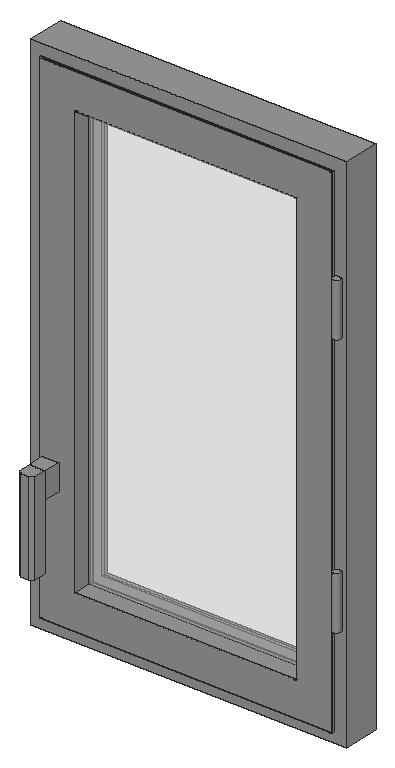
Revit family "2019_ES_Ventana_Qsystems_Q77+_1-Hoja", category Windows, host Wall, Revit 2019
Family settings
  Host = Wall
  OmniClass Number = 23.30.20.00
  OmniClass Title = Windows
  Always vertical = Yes
  Cut with Voids When Loaded = No
  Shared = No
  Room Calculation Point = No
Parameters (values of type "600x1000 mm Oscilobatiente")
  𝑙𝑔 = 2512
  𝑈𝑤 = ((𝐴𝑔 * 𝑈𝑔) + (𝐴𝑓 * 𝑈𝑓) + ((𝑙𝑔 * Y𝑔) * 1000)) / (𝐴𝑔 + 𝐴𝑓)  # 3.0683
  𝑈𝑔 = 1.9  # constant formula
  𝑈𝑓 = 3.629  # constant formula
  𝐴𝑔 = 354384
  𝐴𝑓 = 245616
  Y𝑔 = 0.11  # constant formula
  VidaUtilEsperada = ""
  Version Estandar GDO-BIM = "GDO-BIM V02"  # constant formula
  Version = "RVT2019"  # constant formula
  UnidadMedicion = ""
  UnidadMantenimiento = ""
  Unidad = ""
  Uniclass2.0Titulo = "Door and window systems"  # constant formula
  Uniclass2.0Codigo = "25-30"  # constant formula
  URLProducto = "https://qsystemsaluminio.com/q77-plus/"
  URL de Declaracion de Prestaciones = ""
  URL Poliamida - Catálogo = "http://www.technoform.com/fileadmin/Technoform_Bautec/standardprofiles.html"
  URL Poliamida = "http://www.technoform.es/"
  URL Perfil BIM = "https://bimetica.com/es/objeto-bim-ventana-q-systems-q77+-1-hoja-2663.html"
  URL = "http://www.alueuropa.com/"
  UNSPSCTitulo = "Windows"  # constant formula
  UNSPSCCodigo = "30171600"  # constant formula
  TransmitanciaTermica = 0.0000 W/(m²·K)
  Transmitancia termica = 0.0000 W/(m²·K)
  TrabajoMantenimiento = ""
  Titular = "Alueuropa S.A."  # constant formula
  TipoEmbalajeProteccion = ""
  TiempoMedioEntreFallos = ""
  TelefonoContacto = "+34 91 895 58 00"  # constant formula
  Serie = "Q77+"  # constant formula
  SalidaEmergencia = no
  Responsable Compra = ""
  ResistenciaFuego = ""
  ResistenciaAlViento = "Clase C5"  # constant formula
  ResiduosPeligrososPorUnidad = 0
  ResiduosPeligrosos = 0
  ResiduosNoPeligrososPorUnidad = 0
  ResiduosNoPeligrosos = 0
  ResiduoRadioactivoPorUnidad = 0
  ResiduoRadioactivo = 0
  ResiduoInertePorUnidad = 0
  ResiduoInerte = 0
  RepisaInterior = yes
  RepisaExterior = yes
  ReferenciaUnidadFuncional = ""
  ReferenciaLote = ""
  ReferenciaContacto = "QSystems"
  Referencia Contacto Comercial Venta = "QSystems"
  Referencia = "Q77+"  # constant formula
  PuntoDeContacto = "QSystems"
  Proyección Apertura = yes
  Profundidad = 0.00 mm
  Practicable = yes
  Poliamida = Technoform polyamide
  Plataforma descaga contenido BIM = "www.bimetica.com"
  Peso = 0.00 kg
  PermeabilidadAlAire = "Clase 4"  # constant formula
  PeriodoGarantia = ""
  Perimetro = (Width / 1.00 mm * 2) + (Height / 1.00 mm * 2)  # 3200
  Partida URL = ""
  Pais de Venta = ""
  Oscilobatiente = yes
  Operation = "Oscilobatiente"
  OmniclassTitulo = "Casment Window"  # constant formula
  OmniclassCodigo = "23.30.20.17.21.21"  # constant formula
  NumeroSerie = ""
  NumeroArticuloGlobalComercial = ""
  NumeroArticulo = ""
  Numero de Licencia = "XXX-XXXX9536"  # constant formula
  Numero de Declaracion de Prestaciones = ""
  NormativaMantenimiento = ""
  NivelSeguridad = ""
  Motorizada = no
  Model = "Q77 Oscilobatiente"
  MaterialEnvase = ""
  MaterialContenedor = ""
  MasterformatTitulo = "Aluminium Windows"  # constant formula
  MasterformatCodigo = "08 51 13"  # constant formula
  Marco = Aluminio Anodizado, lacado
  Marcado CE = no
  Manija = yes
  LugarEnsamblaje = ""
  Intercalario = ""
  InstruccionesEspeciales = ""
  InformacionTecnica = "http://www.alueuropa.com/products/"
  Infiltracion = 0
  IfcExportType = "Ventana Oscilobatiente"
  IfcExportAs = "IfcWindow"  # constant formula
  IdentificadorGarantia = ""
  Historial = "(RVT2019) Actualziación a estándar GDO-BIM y datos.(RVT2015) Creación del Elemento. "  # constant formula
  Gubimclass Titulo = "Ventanas de fachadas"  # constant formula
  Gubimclass Codigo = "30.10.20.10"  # constant formula
  GrosorMinimoAcristalamiento = 0.00 mm
  GrosorMaximoAcristalamiento = 0.00 mm
  GrosorMarco = 77.00 mm  # constant formula
  GarantiaExtendida = ""
  Fuente Datos LCA = ""
  FrecuenciaMantenimiento = ""
  FraccionAreaAcristalamiento = ((Altura Real / 1.00 mm) - (GrosorMarco / 1.00 mm * 2)) * ((Anchura Real / 1.00 mm) - ((GrosorMarco / 1.00 mm) * 2)) / ((Altura Real / 1.00 mm) * (Anchura Real / 1.00 mm))  # 62.886%
  Fraccion de area de acristalamiento = 0
  FormacionFotoquimicaOzonoPorUnidad = 0
  FormacionFotoquimicaOzono = 0
  FechaVencimientoElementoBIM = "03/12/2022"  # constant formula
  FechaInstalacion = ""
  FechaInicioGarantia = ""
  FechaFinGarantia = ""
  FechaEvaluacion = ""
  FechaEmisionElementoBIM = "03/12/2021"  # constant formula
  FechaCompra = ""
  Fecha Suministro = ""
  Fecha Colocacion = ""
  FaseCicloVida = ""
  FaltaDeRecursosPorUnidad = 0
  FaltaDeRecursos = 0
  FactorSombra = 0
  FactorSolarModificado = 0
  Manufacturer = "QSystems"  # constant formula
  Exclusiones = ""
  EutrofizacionPorUnidad = 0
  Eutrofizacion = 0
  EtiquetaModelo = ""
  EstanqueidadAgua = "E1650"  # constant formula
  Estado = ""
  Espuma = ""
  EnergiaRenovableConsumidaPorUnidad = 0
  EnergiaRenovableConsumida = 0
  EnergiaPrimariaTotalConsumidaPorUnidad = 0
  EnergiaPrimariaTotalConsumida = 0
  EnergiaNoRenovableConsumidaPorUnidad = 0
  EnergiaNoRenovableConsumida = 0
  Energia consumida = 0
  EmisionCO2 = 0
  EmailContacto = "info@qsystemsaluminio.com"  # constant formula
  DuracionVidaUtil = ""
  Detalle Perfileria = yes
  DestruccionCapaOzonoEstratosfericaPorUnidad = 0
  DestruccionCapaOzonoEstratosferica = 0
  DesfaseInterior [instance] = 0.00 mm
  DesfaseExterior [instance] = 0.00 mm
  Desfase Acristalamiento = 13.00 mm  # constant formula
  Description = "Ventana 1 Hoja Oscilobatiente"
  DescripcionEvaluacion = ""
  Declaracion Ambiental de Producto URL = ""
  Creditos LEED = ""
  Creditos BREEAM = ""
  CosteMantenimiento = 0
  CosteEnergeticoMj = 0 J
  CosteEnergeticoKwh = 0
  ControlHumos = no
  ContenidoGarantia = ""
  Contacto = "QSystems"
  ConfiguracionPoliamidas = "273800 - 493700 - 493800 "  # constant formula
  CondicionesMantenimiento = ""
  CondicionesGeneralesDeContratacion = ""
  CondicionesEvaluacion = ""
  Type Comments = "Sistema de Ventana con Rotura de Puente Térmico Q77 Oscilobatiente."
  Condiciones de Venta = ""
  CodigoBarras = ""
  Codigo = ""
  Clasificacion de carga mecanica = ""
  Clasificacion acustica = "45 (-2,-6) dB"  # constant formula
  CertificadoMantenimiento = ""
  CerramientoExterior = yes
  Catálogo (URL) = "https://qsystemsaluminio.com//wp-content/uploads/2021/05/Q77.pdf"
  CambioClimaticoPorUnidad = 0
  CambioClimatico = 0
  COBieCategoria = "IfcWindow"
  Rough Width = Altura Real + 5.00 mm  # 1005.00 mm
  Base Precio Producto 03 = ""
  Base Precio Producto 02 = ""
  Base Precio Producto 01 = ""
  BIMsupport = "https://bimsupport.info/es/fabricantes/alueuropa-q-systems-bim/"
  Aperturas Oscilobatiente [instance] = if(and(Aperturas, Oscilobatiente), 1 = 1, 1 = 0)  # yes
  Aperturas [instance] = yes
  Anchura Real = if(Width > Anchura Maxima, Anchura Maxima, Width)  # 600.00 mm
  Rough Height = Anchura Real + 5.00 mm  # 605.00 mm
  Anchura Minima = 100.00 mm  # constant formula
  Anchura Maxima = 1700.00 mm  # constant formula
  AnchoPoliamidaMarco = 30.00 mm  # constant formula
  AnchoPoliamidaHoja = 30.00 mm  # constant formula
  Analytic Construction = "<None>"
  Altura minima = 600.00 mm  # constant formula
  Altura maxima = 2500.00 mm  # constant formula
  Altura Real = if(Height > Altura maxima, Altura maxima, Height)  # 1000.00 mm
  GrosorAcristalamiento = 30.00 mm  # constant formula
  Height = 1000.00 mm
  Bimetica = "http://www.bimetica.com"
  AñoProduccion = ""
  Autor = "Bimetica Parametric Design Services, S.L."  # constant formula
  Area = (Width * Height)  # 600000.00 mm²
  Altura de antepecho por defecto = 800.00 mm
  Wall Closure = By host
  Width = 600.00 mm
  AguaConsumidaPorUnidad = 0
  AguaConsumida = 0
  Acristalamiento = Cristal - Vidrio claro templado
  AcidificacionAtmosfericaPorUnidad = 0
  AcidificacionAtmosferica = 0
  Acabado = "Anodizado, lacado y acabados"  # constant formula
Types (2, lengths in mm): name | Oscilobatiente | Operation | Model | IfcExportType | Description | Type Comments | Aperturas Oscilobatiente
  600x1000 mm Practicable | no | "Practicable" | "Q77 Practicable" | "Ventana Practicable" | "Ventana 1 Hoja Practicable" | "Sistema de Ventana con Rotura de Puente Térmico Q77 Practicable." | no
  600x1000 mm Oscilobatiente | yes | "Oscilobatiente" | "Q77 Oscilobatiente" | "Ventana Oscilobatiente" | "Ventana 1 Hoja Oscilobatiente" | "Sistema de Ventana con Rotura de Puente Térmico Q77 Oscilobatiente." | yes
Reference planes
  plane 1 "Centro (Frontal/Posterior)": y = 444.549
  plane 2 "Centro (Izquierda/Derecha)": x = 0
  plane 3 "Izquierda": x = -300
  plane 4 "Derecha": x = 300
  plane 5 "Antepecho": z = 800
  plane 6 "Extremo inicial": z = 1800
  plane 7 "Exterior": y = 521.549
  plane 8 "Interior": y = 521.549
  plane 9 "Media Altura": z = 1300
Forms (mm)
  Sweep 1, solid, material "Aluminio Anodizado, lacado" <- "Marco"
    path origin (0, 521.549, 0) x (1, 0, 0) y (0, 0, 1)
      loop
        line (300, 800) -> (300, 1800) -> (-300, 1800) -> (-300, 800) -> (300, 800)
    profile origin (300, 521.549, 1300) x (-1, 0, 0) y (0, -1, 0)
      loop
        line (0, 0) -> (49.297, 0) -> (49.297, 3.5) -> (27.4, 3.5) -> (27.4, 70) -> (0, 70) -> (0, 0)
  Extrusion 2, solid, material "Cristal - Vidrio claro templado" <- "Acristalamiento"
    sketch origin (0, 521.549, 0) x (1, 0, 0) y (0, 0, 1)
      loop
        line (228.01, 1727.9) -> (-228.01, 1727.9) -> (-228.01, 871.99) -> (228.01, 871.99) -> (228.01, 1727.9)
    from 43 to 13
  Sweep 3, solid, material "Aluminio Anodizado, lacado" <- "Marco"
    path origin (0, 521.549, 0) x (1, 0, 0) y (0, 0, 1)
      loop
        line (-300, 800) -> (300, 800) -> (300, 1800) -> (-300, 1800) -> (-300, 800)
    profile origin (-300, 521.549, 1300) x (-1, 0, 0) y (0, -1, 0)
      loop
        line (-54.3, 0) -> (-54.3, 5.8) -> (-50.582, 5.8) -> (-49.472, 4.8) -> (-45.478, 4.8) -> (-45.478, 6.346) -> (-47.2, 6.346) -> (-47.2, 48.1) -> (-38.9, 48.1) -> (-38.9, 73.5) -> (-21.4, 73.5) -> (-21.4, 76)
        arc (-21.4, 76) -> (-21.692, 76.706) -> (-22.398, 77) r 1
        line (-22.398, 77) -> (-88.599, 77)
        arc (-88.599, 77) -> (-88.953, 76.853) -> (-89.1, 76.5) r 0.5
        line (-89.1, 76.5) -> (-89.1, 43.5)
        arc (-89.1, 43.5) -> (-88.953, 43.147) -> (-88.637, 43) r 0.5
        line (-88.637, 43) -> (-86.603, 43) -> (-86.603, 60.6) -> (-67.178, 60.6) -> (-67.178, 55.89) -> (-62.1, 55.89) -> (-62.1, 8.218) -> (-73.921, 8.218) -> (-73.921, 13) -> (-89.1, 13) -> (-89.1, 6) -> (-88.785, 0) -> (-54.3, 0)
  Extrusion 4, solid, material "Aluminio Anodizado, lacado" <- "Marco", visible <- "Manija", detail levels fine
    sketch origin (0, 0, 800) x (0, -1, 0) y (1, 0, 0)
      loop
        line (-444.549, -241.1) -> (-444.549, -273.1) -> (-412.449, -271.35) -> (-412.449, -270.032) -> (-411.446, -270.032) -> (-411.446, -244.1) -> (-412.449, -244.1) -> (-412.449, -242.782) -> (-444.549, -241.1)
    from 250 to 300
  Extrusion 5, solid, material "Aluminio Anodizado, lacado" <- "Marco", visible <- "Manija", detail levels fine
    sketch origin (0, 0, 800) x (0, -1, 0) y (1, 0, 0)
      loop
        line (-411.446, -271.295) -> (-388.796, -271.295) -> (-382.327, -264.827) -> (-382.327, -249.303) -> (-388.796, -242.835) -> (-411.446, -242.835) -> (-411.446, -271.295)
    from 125 to 300
  Extrusion 6, solid, material "Aluminio Anodizado, lacado" <- "Marco", detail levels medium+fine
    sketch origin (0, 0, 800) x (0, -1, 0) y (1, 0, 0)
      loop
        line (-449.674, 291.378) -> (-451.549, 287.989) -> (-451.549, 280.989) -> (-443.549, 280.989)
        arc (-443.549, 280.989) -> (-437.519, 291.544) -> (-449.674, 291.378) r 7
    from 200 to 300
  Extrusion 7, solid, material "Aluminio Anodizado, lacado" <- "Marco", visible <- "Manija", detail levels medium+fine
    sketch origin (0, 0, 800) x (0, -1, 0) y (1, 0, 0)
      loop
        line (-449.674, 291.378) -> (-451.549, 287.989) -> (-451.549, 280.989) -> (-443.549, 280.989)
        arc (-443.549, 280.989) -> (-437.519, 291.544) -> (-449.674, 291.378) r 7
    from 200 to 300
  Extrusion 8, solid, material "Aluminio Anodizado, lacado" <- "Marco", visible <- "Manija", detail levels medium+fine
    sketch origin (0, 0, 1800) x (0, 1, 0) y (1, 0, 0)
      loop
        arc (449.674, 291.378) -> (437.519, 291.544) -> (443.549, 280.989) r 7
        line (443.549, 280.989) -> (451.549, 280.989) -> (451.549, 287.989) -> (449.674, 291.378)
    from 200 to 300
Lines and regions (mm)
  Opening 1
    outline origin (-5187.24, 321.549, 0) x (1, 0, 0) y (0, 0, 1)
      loop
        line (5487.24, 800) -> (5487.24, 1800) -> (4887.24, 1800) -> (4887.24, 800) -> (5487.24, 800)
  reference lines
    curve 1: line (0, 521.549, 800) -> (0, 444.549, 800)
  symbolic lines, style "Batiente de alzado", visible <- "Aperturas Oscilobatiente"
    curve 2: line (280, 521.549, 820) -> (0, 521.549, 1780)
    curve 3: line (0, 521.549, 1780) -> (-280, 521.549, 820)
  symbolic lines, style "WindowsGlassProjection", detail levels fine
    curve 4: line (-228.01, 500.549, 1300) -> (228.01, 500.549, 1300)
    curve 5: line (-228.01, 484.549, 1300) -> (228.01, 484.549, 1300)
  symbolic lines, style "Batiente de alzado", visible <- "Aperturas"
    curve 6: line (300, 521.549, 1800) -> (-300, 521.549, 1300)
    curve 7: line (-300, 521.549, 1300) -> (300, 521.549, 800)
  symbolic lines, style "WindowsGlassProjection", detail levels medium+fine
    curve 8: line (-300, 500.549, 1727.9) -> (-300, 500.549, 871.99)
    curve 9: line (-300, 484.549, 1727.766) -> (-300, 484.549, 871.856)
Text (mm)
  text "EXTERIOR" at (-1963.203, 1332.353, 0), in view "Nivel de referencia"
  text "INTERIOR" at (-1981.466, -818.386, 0), in view "Nivel de referencia"
  text "Exterior" at (0, 923.751, 2943.296), in view "Derecha"
  text "Exterior" at (0, 1040.484, 2685.409), in view "Izquierda"
Dimensions and locks
  equal spacing: plane 3 "Izquierda", plane 2 "Centro (Izquierda/Derecha)", plane 4 "Derecha"
  "Width": plane 3 "Izquierda" to plane 4 "Derecha"
  "Height": plane 5 "Antepecho" to plane 6 "Extremo inicial"
  "Altura de antepecho por defecto": plane 5 "Antepecho" to level
  "DesfaseExterior": host wall to plane 7 "Exterior"
  "DesfaseInterior": plane 8 "Interior" to plane 7 "Exterior"
  "GrosorMarco": plane 1 "Centro (Frontal/Posterior)" to plane 8 "Interior"
  "GrosorAcristalamiento": Extrusion 2 to Extrusion 2
  "Desfase Acristalamiento": plane 8 "Interior" to Extrusion 2
  locked: Sweep 1 sketch curve to plane 1 "Centro (Frontal/Posterior)" at 7
  locked: Sweep 1 sketch curve to plane 4 "Derecha" at 49.297
  equal spacing: plane 5 "Antepecho", plane 9 "Media Altura", plane 6 "Extremo inicial"
  equal spacing: Extrusion 2, curve 4, curve 5
  locked: Sweep 1 sketch curve to plane 4 "Derecha" at 27.4
  locked: plane 1 "Centro (Frontal/Posterior)" to Sweep 1 sketch curve at 73.5
  "Desfase Acristalamiento": Sweep 3 sketch curve to profile plane
  "GrosorAcristalamiento": Sweep 3 sketch curve to Sweep 3 sketch curve
  plane 1 "Centro (Frontal/Posterior)" to Sweep 3 sketch curve to Sweep 3 sketch curve = 3.50 mm locked, 25.40 mm locked
  plane 1 "Centro (Frontal/Posterior)" to Sweep 3 sketch curve to Sweep 3 sketch curve = 16.40 mm locked, 4.71 mm locked
  Sweep 3 sketch curve to Sweep 3 sketch curve to Sweep 3 sketch curve to plane 8 "Interior" = 0.546 mm locked, 1.00 mm locked, 4.80 mm locked
  plane 3 "Izquierda" to Sweep 3 sketch curve to Sweep 3 sketch curve to Sweep 3 sketch curve to Sweep 3 sketch curve to Sweep 3 sketch curve to Sweep 3 sketch curve to Sweep 3 sketch curve to Sweep 3 sketch curve to Sweep 3 sketch curve to Sweep 3 sketch curve to Sweep 3 sketch curve to Sweep 3 sketch curve = 21.40 mm locked, 17.50 mm locked, 6.579 mm locked, 1.721 mm locked, 2.272 mm locked, 1.111 mm locked, 3.718 mm locked, 7.80 mm locked, 5.078 mm locked, 19.425 mm locked, 2.182 mm locked, 0.314 mm locked
  Extrusion 4 sketch curve to Extrusion 4 sketch curve to Extrusion 4 sketch curve to Extrusion 4 sketch curve to Extrusion 4 sketch curve to Extrusion 4 sketch curve = 1.682 mm locked, 1.318 mm locked, 25.932 mm locked, 1.318 mm locked, 1.75 mm locked
  locked: Extrusion 4 sketch curve to Extrusion 4 sketch curve at 1.003
  Extrusion 5 sketch curve to Extrusion 5 sketch curve to Extrusion 5 sketch curve to Extrusion 5 sketch curve = 6.468 mm locked, 15.524 mm locked, 6.468 mm locked
  Extrusion 5 sketch curve to Extrusion 5 sketch curve to Extrusion 5 sketch curve to Extrusion 5 sketch curve = 6.468 mm locked, 0.00 mm locked, 22.65 mm locked
  Extrusion 6 sketch curve to Extrusion 6 sketch curve = 8.00 mm
  locked: Extrusion 6 sketch curve to Extrusion 6 sketch curve at 7
  Extrusion 7 sketch curve to Extrusion 7 sketch curve = 8.00 mm
  locked: Extrusion 7 sketch curve to Extrusion 7 sketch curve at 7
  Extrusion 8 sketch curve to Extrusion 8 sketch curve = 8.00 mm
  locked: Extrusion 8 sketch curve to Extrusion 8 sketch curve at 7
  locked: plane 3 "Izquierda" to Extrusion 2 at 71.99
  locked: Extrusion 2 to plane 4 "Derecha" at 71.99
  locked: Extrusion 2 to curve 5 at 6
  locked: Extrusion 2 to curve 4 at 8
  locked: curve 9 to Extrusion 2 at 6
  locked: Extrusion 2 to curve 8 at 8
  locked: Extrusion 2 to plane 6 "Extremo inicial" at 72.1
  locked: plane 5 "Antepecho" to Extrusion 2 at 71.99
  aligned and locked: plane 6 "Extremo inicial" to Opening 1 sketch curve
  aligned and locked: Opening 1 sketch curve to plane 5 "Antepecho"
  aligned and locked: plane 4 "Derecha" to Opening 1 sketch curve
  aligned and locked: Opening 1 sketch curve to plane 3 "Izquierda"
  aligned and locked: plane 6 "Extremo inicial" to Sweep 1 sketch curve
  aligned and locked: Sweep 1 sketch curve to plane 5 "Antepecho"
  aligned and locked: Sweep 1 sketch curve to plane 3 "Izquierda"
  aligned and locked: plane 4 "Derecha" to Sweep 1 sketch curve
  aligned and locked: Sweep 1 sketch curve to plane 4 "Derecha"
  aligned and locked: Sweep 1 sketch curve to plane 8 "Interior"
  aligned and locked: plane 2 "Centro (Izquierda/Derecha)" to curve 1
  aligned and locked: plane 1 "Centro (Frontal/Posterior)" to curve 1
  aligned and locked: plane 8 "Interior" to curve 1
  aligned and locked: Extrusion 2 to curve 4  (x2)
  aligned and locked: nested 2 to plane 4 "Derecha"
  aligned and locked: nested 2 to plane 1 "Centro (Frontal/Posterior)"
  aligned and locked: nested 1 to plane 3 "Izquierda"
  aligned and locked: plane 1 "Centro (Frontal/Posterior)" to nested 1
  aligned and locked: plane 5 "Antepecho" to Sweep 3 sketch curve
  aligned and locked: Sweep 3 sketch curve to plane 6 "Extremo inicial"
  aligned and locked: plane 3 "Izquierda" to Sweep 3 sketch curve  (x2)
  aligned and locked: plane 4 "Derecha" to Sweep 3 sketch curve  (x2)
  aligned and locked: plane 6 "Extremo inicial" to Sweep 3 sketch curve
  aligned and locked: Sweep 3 sketch curve to host wall
  aligned and locked: plane 1 "Centro (Frontal/Posterior)" to Sweep 3 sketch curve
  aligned and locked: plane 8 "Interior" to Sweep 3 sketch curve
  aligned and locked: Extrusion 4 sketch curve to Extrusion 4 sketch curve
  aligned and locked: Extrusion 2 to curve 5  (x2)
  aligned and locked: plane 9 "Media Altura" to curve 7
  aligned and locked: plane 3 "Izquierda" to curve 7
  aligned and locked: plane 6 "Extremo inicial" to curve 6
  aligned and locked: plane 4 "Derecha" to curve 6
  aligned and locked: plane 5 "Antepecho" to curve 7
  aligned and locked: plane 4 "Derecha" to curve 7
  aligned and locked: nested 3 to plane 6 "Extremo inicial"
  aligned and locked: nested 3 to plane 1 "Centro (Frontal/Posterior)"
  aligned and locked: plane 1 "Centro (Frontal/Posterior)" to nested 4
  aligned and locked: nested 4 to plane 5 "Antepecho"
  aligned and locked: Extrusion 2 to curve 8  (x2)
Automatic sketch dimensions
  plane 2 "Centro (Izquierda/Derecha)" to curve 3 = 0.00 mm
  curve 3 to plane 3 "Izquierda" = 20.00 mm
  curve 3 to plane 5 "Antepecho" = 20.00 mm
  plane 6 "Extremo inicial" to curve 3 = 20.00 mm
  plane 4 "Derecha" to curve 2 = 20.00 mm
  curve 2 to plane 5 "Antepecho" = 20.00 mm
  Extrusion 2 sketch curve to plane 3 "Izquierda" = 71.99 mm
  plane 4 "Derecha" to Extrusion 2 sketch curve = 71.99 mm
  Extrusion 2 sketch curve to plane 5 "Antepecho" = 71.99 mm
  plane 6 "Extremo inicial" to Extrusion 2 sketch curve = 72.10 mm
  plane 1 "Centro (Frontal/Posterior)" to Extrusion 4 sketch curve = 0.00 mm
  Extrusion 4 sketch curve to plane 1 "Centro (Frontal/Posterior)" = 32.10 mm
  plane 3 "Izquierda" to Extrusion 4 sketch curve = 58.90 mm
  Extrusion 5 sketch curve to plane 1 "Centro (Frontal/Posterior)" = 33.102 mm
  plane 3 "Izquierda" to Extrusion 5 sketch curve = 57.165 mm
  plane 1 "Centro (Frontal/Posterior)" to Extrusion 6 sketch curve = 7.00 mm
  Extrusion 6 sketch curve to Extrusion 6 sketch curve = 1.875 mm
  Extrusion 6 sketch curve to plane 4 "Derecha" = 8.622 mm
  Extrusion 6 sketch curve to Extrusion 6 sketch curve = 3.389 mm
  plane 1 "Centro (Frontal/Posterior)" to Extrusion 7 sketch curve = 7.00 mm
  Extrusion 7 sketch curve to Extrusion 7 sketch curve = 1.875 mm
  Extrusion 7 sketch curve to plane 4 "Derecha" = 8.622 mm
  Extrusion 7 sketch curve to Extrusion 7 sketch curve = 3.389 mm
  plane 1 "Centro (Frontal/Posterior)" to Extrusion 8 sketch curve = 1.00 mm
  Extrusion 8 sketch curve to Extrusion 8 sketch curve = 1.875 mm
  plane 4 "Derecha" to Extrusion 8 sketch curve = 8.622 mm
  Extrusion 8 sketch curve to Extrusion 8 sketch curve = 3.389 mm
  curve 9 to curve 8 = 0.134 mm  (x2)
  Sweep 3 sketch curve to Sweep 3 sketch curve = 2.497 mm
  Sweep 3 sketch curve to Sweep 3 sketch curve = 0.50 mm  (x3)
  Sweep 3 sketch curve to Sweep 3 sketch curve = 11.821 mm
  Sweep 3 sketch curve to Sweep 3 sketch curve = 1.00 mm
  Sweep 3 sketch curve to Sweep 3 sketch curve = 0.002 mm
  plane 8 "Interior" to Sweep 3 sketch curve = 6.00 mm
  Sweep 3 sketch curve to Sweep 3 sketch curve = 2.418 mm
  Sweep 3 sketch curve to Sweep 3 sketch curve = 0.037 mm  (x2)
Nested families
  nested 1: "Q77_Detalle-Carpintería-Marco y Hoja Practicable" at (-300, 444.549, 800), type "Marco y Hoja Practicable", detail levels medium+fine
  nested 2: "Q77_Detalle-Carpintería-Marco y Hoja Practicable" at (300, 444.549, 800) x (-1, 0, 0) z (0, 0, 1), type "Marco y Hoja Practicable", detail levels medium+fine
  nested 3: "Q77_Detalle-Carpintería-Marco y Hoja Practicable" at (-300, 444.549, 1800) x (0, 0, -1) z (-1, 0, 0), type "Marco y Hoja Practicable", detail levels medium+fine
  nested 4: "Q77_Detalle-Carpintería-Marco y Hoja Practicable" at (-300, 444.549, 800) x (0, 0, 1) z (-1, 0, 0), visible <- "Detalle Perfileria", type "Marco y Hoja Practicable", detail levels medium+fine
Definition of nested family "Q77_Detalle-Carpintería-Marco y Hoja Practicable"
  Parameters (values of type "Marco y Hoja Practicable")
    URL = "http://www.alueuropa.com/"
    Model = "Q77"  # constant formula
    Marco y Hoja Practicable = yes
    FechaVencimientoElementoBIM = "01/01/2017"  # constant formula
    FechaEmisionElementoBIM = "23/08/2016"  # constant formula
    Manufacturer = "Alueuropa S.A."  # constant formula
    Description = "Detalle carpintería Q77_Marco y Hoja Practicable"
    Bimetica = "http://www.bimetica.com"
    Autor = "Bimetica Parametric Design Services, S.L."  # constant formula
  Reference planes
    plane 1 "Centro (Frontal/Posterior)": y = 0
    plane 2: z = 0
    plane 3 "Centro (Izquierda/Derecha)": x = 0
  Lines and regions (mm)
    Masking region 1, in view "Nivel de referencia", visible <- "Marco y Hoja Practicable"
      outline origin (0, 0, 0) x (1, 0, 0) y (0, 1, 0)
        loop
          line (0, 7) -> (21.4, 7) -> (21.4, 1)
          arc (21.4, 1) -> (21.692, 0.294) -> (22.398, 0) r 1
          line (22.398, 0) -> (88.599, 0)
          arc (88.599, 0) -> (88.953, 0.146) -> (89.1, 0.5) r 0.5
          line (89.1, 0.5) -> (89.1, 30.4) -> (86.639, 30.4) -> (86.639, 21.11) -> (62.1, 21.11) -> (62.1, 65.744) -> (89.104, 65.744) -> (89.104, 70.932) -> (88.785, 77) -> (54.3, 77) -> (54.3, 71.2) -> (50.606, 71.2) -> (49.3, 72.376) -> (49.3, 76.5)
          arc (49.3, 76.5) -> (49.154, 76.854) -> (48.8, 77) r 0.5
          line (48.8, 77) -> (0, 77) -> (0, 7)
  Dimensions and locks
    locked: plane 1 "Centro (Frontal/Posterior)" to Masking region 1 sketch curve at 7
    aligned and locked: plane 3 "Centro (Izquierda/Derecha)" to import instance
    aligned and locked: plane 1 "Centro (Frontal/Posterior)" to import instance
